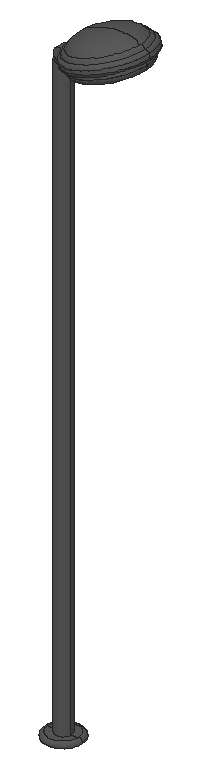
Revit family "svetilnik_alfresco_alkor_dku-01_os", category Lighting Fixtures, Revit 2016 (continued)
Definition of nested family "Алькор"
  Parameters (values of type "ДКУ Алькор 60Вт")
      80   679.33   659.71   641.69   623.50   607.05   590.52   573.51   558.81   544.70   \r\n 528.80   513.10   492.95   468.75   438.15   402.48   361.74   313.35   264.25   215.21   \r\n 170.96   143.76   116.58   105.68   100.14   92.98    84.47    76.53    68.68    61.67    \r\n 56.38    51.91    47.16    42.63    38.37    34.23    30.10    26.18    22.34    18.85    \r\n 15.26    11.88    8.85     6.23     4.27     2.91     2.27     1.80     1.33     0.93     \r\n 0.79     \r\n1605.95  1576.77  1565.54  1536.45  1506.96  1489.40  1471.53  1448.77  1440.68  1413.73  \r\n 1421.92  1396.34  1332.83  1303.69  1280.80  1257.19  1210.53  1172.79  1123.68  1106.31  \r\n 1054.55  1013.03  983.29   965.93   954.55   942.46   931.71   917.12   902.42   877.07   \r\n 853.29   833.61   816.89   805.46   796.13   785.63   768.65   745.41   723.40   704.82   \r\n 682.90   660.96   641.43   620.91   599.26   580.35   562.40   547.17   532.23   520.10   \r\n 511.06   500.64   482.08   455.55   425.11   386.01   343.18   297.53   249.68   204.90   \r\n 162.66   130.62   108.45   96.86    89.15    82.97    76.92    70.78    64.65    58.26    \r\n 53.58    48.75    43.92    40.04    36.88    33.47    29.14    24.80    21.07    17.82    \r\n 14.91    11.66    8.96     6.28     4.25     2.91     2.24     1.78     1.34     0.94     \r\n 0.77     \r\n1605.95  1584.99  1589.68  1551.23  1512.79  1491.29  1469.91  1448.40  1439.68  1431.42  \r\n 1409.52  1387.93  1339.82  1312.53  1305.63  1266.61  1235.98  1200.17  1168.48  1129.43  \r\n 1085.17  1049.83  1027.02  1008.14  987.20   967.69   964.39   942.85   922.45   899.46   \r\n 879.12   868.83   836.23   820.10   810.28   799.10   781.49   759.98   739.24   721.91   \r\n 701.14   681.60   664.09   644.13   624.49   607.03   589.37   574.47   560.40   545.99   \r\n 533.16   519.87   505.35   482.94   453.86   418.28   377.40   331.79   283.32   233.16   \r\n 186.25   154.45   122.66   108.23   100.78   95.00    87.61    79.50    71.14    64.05    \r\n 57.99    52.52    47.94    43.29    38.75    34.73    30.81    26.81    23.22    19.64    \r\n 16.44    13.18    9.89     6.82     4.56     3.05     2.33     1.86     1.40     0.99     \r\n 0.80     \r\n1605.95  1594.74  1597.90  1552.67  1518.96  1491.12  1467.43  1451.67  1428.70  1426.26  \r\n 1400.18  1379.75  1374.76  1363.11  1330.23  1289.04  1257.88  1222.19  1213.74  1193.24  \r\n 1154.45  1114.10  1083.12  1061.72  1042.46  1023.15  1017.81  1010.27  989.56   954.43   \r\n 926.40   906.06   887.30   871.99   861.92   840.11   815.36   806.23   786.46   758.67   \r\n 736.43   715.76   699.29   682.82   664.24   648.82   634.56   618.71   601.12   580.89   \r\n 560.58   539.20   520.71   505.05   490.83   468.64   437.74   395.22   346.07   293.56   \r\n 241.20   191.43   150.84   120.62   101.38   92.49    86.11    78.03    69.99    61.95    \r\n 55.11    49.40    44.36    39.50    35.17    31.41    28.10    24.92    21.62    18.25    \r\n 15.00    11.75    8.91     6.56     4.62     3.18     2.47     1.98     1.53     1.09     \r\n 0.91     \r\n1605.95  1601.49  1588.22  1556.04  1523.88  1498.17  1495.98  1475.99  1456.29  1434.33  \r\n 1423.87  1413.02  1398.51  1368.44  1333.46  1306.41  1287.57  1278.89  1243.01  1199.87  \r\n 1175.60  1154.28  1112.25  1086.21  1064.87  1047.43  1016.72  987.87   964.28   942.72   \r\n 929.36   916.49   908.23   883.98   871.30   858.38   834.37   815.07   802.80   791.01   \r\n 784.19   773.85   757.44   742.99   727.70   709.03   691.95   676.23   658.40   642.57   \r\n 637.55   626.17   618.87   615.02   608.86   600.36   585.92   560.37   525.62   472.83   \r\n 406.85   336.24   266.61   204.85   165.61   126.53   108.18   100.13   93.70    83.05    \r\n 72.51    61.40    53.08    46.15    40.46    35.09    30.28    26.60    23.59    20.52    \r\n 17.67    14.96    11.67    8.28     5.42     3.58     2.77     2.21     1.70     1.20     \r\n 1.05     \r\n1605.95  1604.09  1581.27  1564.21  1533.68  1531.64  1520.73  1496.59  1480.12  1456.87  \r\n 1437.14  1423.23  1395.32  1367.69  1348.04  1331.81  1304.65  1281.04  1260.95  1242.44  \r\n 1208.37  1191.87  1176.40  1154.66  1134.05  1117.81  1110.00  1110.14  1101.65  1089.77  \r\n 1071.69  1064.32  1046.42  1017.46  987.93   962.03   938.81   913.68   897.43   880.82   \r\n 866.64   857.30   851.55   849.43   848.46   858.97   906.83   935.78   879.92   835.00   \r\n 819.79   829.68   840.49   824.85   785.40   751.86   726.30   717.08   707.45   676.64   \r\n 645.72   576.68   511.51   432.09   346.66   270.97   211.09   166.18   137.52   120.41   \r\n 107.43   93.90    78.30    64.80    51.31    43.22    37.17    32.09    27.75    24.11    \r\n 20.27    16.43    12.85    9.38     6.26     4.10     3.22     2.63     2.07     1.59     \r\n 1.55     \r\n1605.95  1604.98  1581.28  1563.39  1548.72  1561.43  1541.83  1522.20  1494.06  1474.22  \r\n 1469.83  1468.75  1445.48  1418.69  1382.47  1354.21  1331.56  1323.77  1325.44  1322.45  \r\n 1319.58  1327.64  1331.79  1337.96  1345.08  1347.84  1335.46  1305.99  1266.82  1224.12  \r\n 1174.71  1132.78  1102.41  1087.40  1073.66  1069.21  1068.72  1059.43  1050.16  1033.95  \r\n 1018.47  1006.23  1000.41  998.01   995.49   994.59   1004.42  1021.15  1039.47  1057.58  \r\n 1073.09  1080.28  1074.74  1071.40  1065.79  1043.85  1027.88  1020.35  1024.43  1023.82  \r\n 1016.21  1003.86  974.54   927.48   847.62   738.25   595.08   453.41   312.86   211.39   \r\n 166.81   122.34   107.38   94.46    82.13    68.92    56.85    47.09    38.63    31.18    \r\n 24.97    19.93    15.04    10.94    7.49     5.23     4.30     3.63     3.01     2.52     \r\n 2.65     \r\n1605.95  1597.35  1592.78  1566.03  1564.72  1586.12  1571.42  1551.88  1521.49  1509.16  \r\n 1512.42  1504.13  1468.68  1441.62  1425.56  1415.64  1404.22  1408.56  1422.15  1443.11  \r\n 1471.64  1498.67  1522.63  1523.84  1516.36  1497.25  1448.32  1393.18  1346.80  1312.25  \r\n 1291.32  1282.71  1266.83  1258.47  1256.81  1253.49  1251.59  1248.75  1247.54  1247.77  \r\n 1249.89  1260.04  1276.80  1296.71  1320.15  1337.58  1357.74  1370.00  1378.55  1389.56  \r\n 1395.26  1410.84  1431.88  1448.00  1468.55  1492.28  1519.51  1548.72  1578.58  1600.89  \r\n 1636.95  1678.69  1698.68  1695.38  1674.95  1630.43  1555.71  1418.61  1215.61  969.27   \r\n 677.06   432.84   257.80   178.49   147.68   126.44   105.88   86.93    70.71    54.50    \r\n 41.31    30.23    20.80    13.85    9.76     7.22     6.10     5.13     4.37     3.86     \r\n 4.07     \r\n1605.95  1600.80  1601.10  1586.07  1586.89  1599.17  1601.15  1588.01  1568.89  1565.31  \r\n 1557.67  1535.04  1514.90  1495.46  1476.46  1463.06  1469.76  1495.47  1529.48  1565.18  \r\n 1597.58  1608.45  1611.88  1595.71  1561.94  1524.03  1487.81  1459.64  1444.39  1439.19  \r\n 1438.75  1442.41  1450.49  1462.02  1480.27  1502.85  1520.38  1536.69  1552.13  1566.39  \r\n 1574.12  1599.58  1637.48  1698.31  1708.28  1699.25  1707.73  1724.22  1751.91  1784.66  \r\n 1818.24  1852.70  1901.36  1955.37  2019.82  2077.54  2140.52  2203.85  2258.71  2307.30  \r\n 2368.52  2443.97  2521.95  2581.63  2589.97  2564.36  2488.53  2383.34  2235.83  2001.25  \r\n 1623.43  1245.10  838.52   505.40   298.71   210.24   165.12   137.37   109.65   84.04    \r\n 60.97    44.08    30.97    20.74    14.03    10.34    8.21     6.88     5.87     5.27     \r\n 5.50     \r\n1605.95  1599.01  1592.62  1592.52  1600.82  1609.80  1619.03  1625.29  1634.79  1617.47  \r\n 1605.59  1575.51  1564.90  1552.92  1540.53  1532.55  1548.66  1580.02  1616.27  1642.54  \r\n 1669.64  1691.79  1684.31  1666.06  1642.28  1619.55  1602.71  1598.25  1597.27  1602.89  \r\n 1611.86  1615.32  1628.58  1647.62  1671.35  1704.71  1743.41  1785.90  1830.64  1861.41  \r\n 1882.44  1901.59  1926.64  1962.02  2005.78  2052.78  2101.80  2158.86  2224.52  2291.85  \r\n 2351.28  2406.19  2467.05  2540.55  2622.82  2714.22  2820.65  2928.26  3046.66  3131.43  \r\n 3199.14  3259.43  3284.96  3277.06  3217.98  3101.12  2940.57  2733.08  2475.77  2168.64  \r\n 1752.69  1284.17  866.18   586.26   306.56   215.02   173.64   143.07   115.82   91.94    \r\n 72.37    52.82    34.55    22.78    15.38    11.43    9.16     7.80     6.59     6.13     \r\n 6.40     \r\n1605.95  1606.00  1597.22  1609.37  1628.33  1640.25  1655.60  1671.33  1669.56  1666.76  \r\n 1651.60  1647.45  1631.22  1623.69  1620.87  1633.64  1651.12  1676.07  1714.41  1731.49  \r\n 1748.91  1773.48  1794.19  1804.34  1808.18  1803.49  1799.50  1795.96  1802.21  1819.47  \r\n 1838.54  1863.12  1888.01  1918.86  1959.09  2000.41  2049.78  2109.81  2174.97  2244.85  \r\n 2307.50  2381.51  2385.81  2393.54  2415.64  2457.38  2516.89  2579.47  2641.64  2705.35  \r\n 2770.89  2847.16  2929.28  3027.15  3137.43  3248.57  3371.51  3494.21  3613.71  3709.27  \r\n 3760.68  3741.17  3652.53  3475.59  3215.28  2904.08  2529.41  2127.20  1680.90  1230.76  \r\n 830.18   602.12   376.83   285.58   225.15   176.56   138.31   105.40   78.15    60.16    \r\n 42.24    32.15    24.55    18.01    13.42    10.69    9.31     8.15     6.91     6.67     \r\n 6.99     \r\n1605.95  1600.96  1593.45  1613.16  1641.40  1662.86  1678.31  1686.93  1698.83  1701.05  \r\n 1688.67  1690.32  1693.33  1690.31  1690.37  1695.27  1706.24  1722.56  1754.36  1777.20  \r\n 1799.37  1830.30  1865.17  1900.64  1930.00  1941.87  1945.14  1950.20  1956.95  1982.49  \r\n 2014.08  2050.49  2090.74  2129.79  2174.34  2228.32  2284.79  2348.65  2418.49  2483.73  \r\n 2538.25  2587.80  2643.35  2708.93  2780.62  2856.10  2940.25  3029.74  3123.40  3221.27  \r\n 3322.09  3428.12  3552.32  3697.41  3858.30  4044.13  4241.21  4428.38  4570.47  4625.25  \r\n 4556.63  4383.20  4109.68  3697.06  3166.75  2526.33  1861.20  1198.80  734.16   481.56   \r\n 370.69   302.59   248.65   201.66   163.21   124.84   95.81    71.09    53.94    42.74    \r\n 33.85    25.66    20.18    15.82    12.32    9.94     8.46     7.39     6.28     6.16     \r\n 6.48     \r\n1605.95  1589.61  1592.58  1617.72  1650.76  1680.46  1705.64  1731.65  1750.75  1754.52  \r\n 1734.09  1725.61  1743.73  1747.45  1768.30  1786.80  1814.22  1838.30  1859.12  1881.22  \r\n 1894.25  1927.55  1963.94  2015.22  2069.75  2124.46  2171.54  2204.02  2235.43  2279.45  \r\n 2331.04  2385.43  2442.85  2499.91  2565.32  2636.31  2712.93  2793.54  2883.53  2985.57  \r\n 3086.76  3199.86  3331.48  3421.99  3473.95  3537.02  3626.25  3736.45  3850.43  3944.71  \r\n 4034.36  4126.07  4214.51  4306.85  4402.39  4479.61  4543.70  4553.32  4488.11  4346.21  \r\n 4127.36  3818.38  3383.60  2814.30  2135.99  1454.80  923.82   680.00   437.07   349.05   \r\n 288.52   236.37   189.35   148.06   114.53   84.09    66.24    48.51    38.22    30.17    \r\n 24.35    19.90    16.26    13.28    10.82    8.70     7.47     6.44     5.42     5.33     \r\n 5.57     \r\n1605.95  1585.33  1590.25  1615.00  1647.90  1684.96  1727.23  1776.16  1791.92  1802.41  \r\n 1781.57  1765.39  1793.75  1818.28  1840.80  1875.33  1937.49  1976.64  2003.57  2034.38  \r\n 2079.07  2095.97  2142.34  2186.98  2246.55  2315.82  2392.25  2470.84  2538.74  2600.54  \r\n 2663.58  2732.40  2794.45  2864.02  2946.63  3032.54  3123.98  3199.23  3275.79  3360.03  \r\n 3441.04  3503.12  3568.17  3618.12  3664.51  3712.48  3755.72  3793.73  3825.58  3850.83  \r\n 3876.72  3903.30  3930.40  3946.08  3938.97  3900.10  3808.11  3624.44  3344.89  2917.64  \r\n 2374.76  1828.28  1283.95  881.07   630.76   487.28   405.37   340.60   283.92   233.78   \r\n 189.44   152.39   115.36   86.99    68.56    57.94    48.28    41.84    36.63    31.15    \r\n 26.93    21.49    15.79    11.97    9.35     7.36     6.18     5.34     4.46     4.42     \r\n 4.61     \r\n1605.95  1580.40  1587.87  1612.75  1647.11  1681.11  1729.34  1796.07  1806.20  1828.87  \r\n 1836.19  1832.75  1830.39  1849.58  1897.14  1932.06  1994.72  2061.80  2112.69  2167.63  \r\n 2234.80  2324.47  2392.26  2440.50  2460.20  2493.10  2552.80  2630.17  2740.83  2816.65  \r\n 2891.43  2970.94  3052.79  3118.61  3171.99  3226.09  3270.73  3311.73  3350.64  3378.75  \r\n 3401.14  3422.69  3439.53  3454.87  3472.48  3496.13  3526.79  3547.15  3481.01  3381.63  \r\n 3269.09  3128.91  2935.04  2680.24  2361.37  2051.40  1752.46  1460.47  1181.37  893.49   \r\n 681.40   470.11   375.01   325.90   285.86   236.16   190.48   158.96   129.92   105.76   \r\n 87.11    74.46    65.66    58.55    51.97    46.69    42.53    41.00    39.40    35.57    \r\n 29.64    21.03    13.32    8.41     6.40     5.53     4.80     4.07     3.40     3.38     \r\n 3.54     \r\n1605.95  1581.26  1581.50  1599.87  1629.40  1658.20  1690.66  1741.45  1808.37  1850.21  \r\n 1863.51  1900.42  1899.36  1918.07  1936.31  1984.73  2031.43  2120.43  2149.81  2230.20  \r\n 2263.25  2324.41  2401.80  2502.88  2582.12  2671.17  2760.83  2856.23  2913.86  2984.93  \r\n 3057.52  3094.85  3131.28  3163.10  3185.06  3192.52  3199.85  3200.45  3189.87  3177.90  \r\n 3155.88  3120.36  3066.75  2987.68  2883.48  2741.82  2555.49  2322.86  2055.23  1796.59  \r\n 1577.38  1358.64  1187.97  1023.99  867.17   722.27   587.18   465.25   371.23   302.19   \r\n 251.60   221.12   194.46   172.66   151.42   130.24   113.29   102.26   94.36    87.47    \r\n 82.70    77.37    68.70    62.87    57.19    51.63    47.13    39.87    32.19    25.59    \r\n 19.23    13.88    9.96     7.06     5.10     4.24     3.62     2.97     2.30     2.29     \r\n 2.38     \r\n1605.95  1578.23  1575.44  1587.17  1607.41  1634.80  1664.33  1700.30  1790.40  1828.97  \r\n 1836.10  1875.40  1924.15  1955.60  1993.52  2023.01  2063.54  2125.74  2184.46  2205.65  \r\n 2278.03  2335.66  2405.40  2485.12  2584.78  2679.68  2760.59  2833.30  2895.17  2949.50  \r\n 2987.78  3028.11  3046.78  3062.22  3059.83  3046.73  3027.47  2998.70  2953.87  2896.37  \r\n 2804.01  2666.51  2476.68  2236.09  1946.48  1661.44  1423.28  1232.34  1088.54  963.34   \r\n 865.25   763.38   671.16   579.04   491.90   408.72   327.51   263.38   215.94   182.23   \r\n 160.44   143.31   129.14   117.70   107.20   97.95    89.42    81.44    75.84    69.88    \r\n 64.05    58.58    50.19    41.21    36.10    32.06    28.24    24.43    20.80    17.16    \r\n 13.81    10.84    7.69     5.32     3.90     3.19     2.61     2.01     1.52     1.51     \r\n 1.56     \r\n1605.95  1579.98  1572.25  1575.11  1593.84  1614.04  1640.44  1669.15  1719.74  1759.74  \r\n 1766.32  1811.81  1861.28  1914.62  1962.71  2009.82  2059.37  2109.52  2159.03  2210.10  \r\n 2272.80  2336.56  2413.78  2494.49  2575.05  2651.30  2718.35  2776.25  2819.61  2854.36  \r\n 2884.44  2902.43  2913.73  2918.88  2916.21  2898.75  2865.32  2808.52  2712.24  2571.43  \r\n 2375.14  2132.33  1856.41  1619.36  1383.05  1216.08  1078.93  958.76   841.91   732.35   \r\n 633.42   546.61   470.35   401.34   334.20   272.79   222.01   187.04   162.20   144.07   \r\n 125.98   113.42   101.24   93.30    87.34    82.79    76.51    70.26    64.66    57.68    \r\n 52.43    48.98    45.78    40.94    36.47    35.83    32.80    27.51    20.69    15.94    \r\n 12.30    9.90     7.75     5.14     3.34     2.76     2.22     1.65     1.20     1.18     \r\n 1.21     \r\n1605.95  1579.35  1571.83  1572.75  1581.87  1599.33  1622.31  1652.46  1690.08  1739.62  \r\n 1762.10  1807.51  1856.69  1909.53  1961.76  2010.47  2060.17  2107.79  2160.14  2215.32  \r\n 2283.49  2356.70  2430.99  2505.23  2576.21  2639.42  2691.79  2732.12  2762.83  2787.12  \r\n 2800.11  2805.55  2808.70  2804.98  2790.96  2764.43  2711.56  2620.55  2475.89  2277.48  \r\n 2036.62  1781.03  1550.99  1366.38  1217.51  1091.90  979.11   865.57   767.82   674.40   \r\n 581.02   498.52   419.03   344.86   278.05   227.69   192.61   166.36   143.10   124.43   \r\n 111.68   103.19   93.54    88.56    82.81    77.33    73.16    69.01    64.49    57.70    \r\n 51.73    45.75    40.21    37.97    35.90    32.92    28.84    23.66    19.23    15.23    \r\n 11.88    8.90     6.27     4.21     3.12     2.56     2.04     1.47     1.11     1.07     \r\n 1.07     \r\n1605.95  1585.78  1577.32  1581.35  1587.59  1597.48  1616.26  1645.61  1686.91  1724.77  \r\n 1761.49  1807.13  1858.28  1910.08  1962.78  2014.68  2062.84  2112.97  2165.84  2221.37  \r\n 2287.01  2361.64  2437.59  2510.12  2576.61  2634.81  2680.78  2713.57  2741.3
      0  2762.66  \r\n 2777.32  2783.43  2783.88  2779.08  2764.98  2734.30  2674.77  2569.22  2409.17  2194.22  \r\n 1946.88  1708.08  1518.20  1329.10  1188.84  1068.39  955.62   845.97   756.23   662.57   \r\n 570.83   487.97   409.87   336.38   270.35   220.01   186.34   162.23   141.88   121.62   \r\n 107.06   96.83    90.79    86.24    81.17    73.89    69.53    65.61    60.35    55.66    \r\n 50.44    44.33    39.32    37.45    37.07    34.89    30.06    24.53    19.91    15.52    \r\n 12.12    8.95     5.95     4.07     3.07     2.51     1.99     1.41     1.06     1.05     \r\n 1.06     \r\n"
    built-in parameter 1150133 = 10 (stored number, unit not read)
    Wattage = 38.373 W
    Материал светильника [instance] = none
    built-in parameter 1150139 = (empty or 0)
    built-in parameter 1150138 = (empty or 0)
    built-in parameter 1150107 = 4000 (stored number, unit not read)
    built-in parameter 1150102 = (empty or 0)
    Emit from Circle Diameter = 400.00 mm
    ДТУ = no
    ДКУ = yes
    Emit Shape Visible in Rendering = no
    Assembly Code = "﻿﻿ ﻿ ﻿﻿﻿﻿﻿﻿         ﻿       ﻿   ﻿ ﻿                               ﻿               ​        ​      ﻿​​          ​          ﻿                             ​ ﻿﻿"
